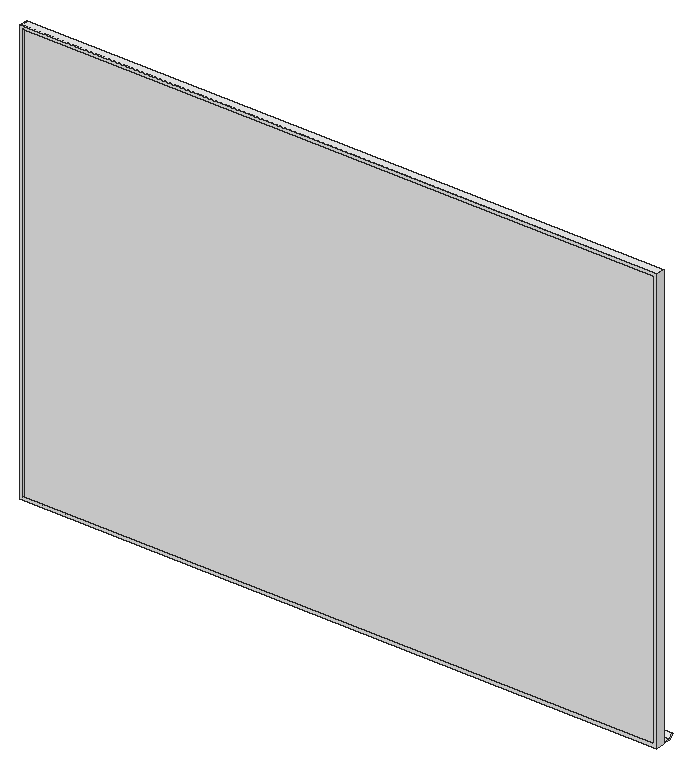
Revit family
Parameters (values of type "White Board")
  Width = 1800 mm
  Offset = 15 mm
  Mounting Height = 900 mm
  Material WhiteBoard = Plastic - White
  Material Framing = Metal - Aluminium
  Material BlackBoard = Plastic - White
  Height = 1200 mm
  Board Thickness = 20 mm
Types (2, lengths in mm): name | Material BlackBoard
  Black Board | Finishes - BlackBoards
  White Board | Plastic - White
Reference planes
  plane 1: y = 0
  plane 2 "Center (Left/Right)": x = 133.3
  plane 3 "Back": y = 75
  plane 4: x = -766.7
  plane 5: x = 1033.3
  plane 6: z = 900
  plane 7: z = 2100
  plane 8: y = 90
Text (mm)
  text "Placement side" at (-1864.261, 916.262, 0), in view "Ref. Level"
  text "Placement side" at (0, 1605.175, 2923.955), in view "Left"
  text "Placement side" at (0, 595.982, 3004.978), in view "Right"
Dimensions and locks
  locked: plane 3 "Back" to host wall at 0
  equal spacing: plane 4, plane 2 "Center (Left/Right)", plane 5
  "Width": plane 4 to plane 5
  "Mounting Height": level to plane 6
  "Height": plane 6 to plane 7
  "Offset": plane 3 "Back" to plane 8
  aligned and locked: plane 1 to host wall
  aligned and locked: plane 8 to nested 1
  aligned and locked: plane 2 "Center (Left/Right)" to nested 1
Nested families
  nested 1: "UK_White-BlackBoard" at (227.419, 77, 0), type "BlackBoard"
Definition of nested family "UK_White-BlackBoard"
  Parameters (values of type "WhiteBoard")
    Width = 1800 mm
    Offset = 15 mm
    Material Framing = Metal - Aluminium
    Material Board = Plastic - White
    Height to Underside = 900 mm
    Height = 1200 mm
    Board Thickness = 20 mm
    Assembly Code = ""
  Types (2, lengths in mm): name | Material Board
    WhiteBoard | Plastic - White
    BlackBoard | Finishes - BlackBoards
  Reference planes
    plane 1 "Center (Front/Back)": y = 0
    plane 2: z = 0
    plane 3 "Center (Left/Right)": x = -94.119
    plane 4: x = -994.119
    plane 5: x = 805.881
    plane 6: y = 15
    plane 7: z = 900
    plane 8: z = 2100
  Forms (mm)
    Extrusion 1, solid, material "Plastic - White" <- "Material Board"
      sketch origin (0, 15, 0) x (1, 0, 0) y (0, 0, 1)
        loop
          line (-994.119, 900) -> (805.881, 900) -> (805.881, 2100) -> (-994.119, 2100) -> (-994.119, 900)
      from 0 to -20
    Sweep 2, solid, material "Metal - Aluminium" <- "Material Framing"
      path origin (0, 15, 0) x (1, 0, 0) y (0, 0, 1)
        loop
          line (-994.119, 900) -> (805.881, 900) -> (805.881, 2100) -> (-994.119, 2100) -> (-994.119, 900)
      profile origin (-94.119, 15, 900) x (0, 0, 1) y (0, -1, 0)
        loop
          line (6, 0) -> (6, 2) -> (-2, 2) -> (-2, -22) -> (6, -22) -> (6, -20) -> (0, -20) -> (0, 0) -> (6, 0)
    Extrusion 3, solid, material "Metal - Aluminium" <- "Material Framing"
      sketch origin (-94.119, 0, 0) x (0, 1, 0) y (0, 0, 1)
        loop
          line (37, 898) -> (62, 898) -> (71.642, 909.491) -> (70.11, 910.776) -> (61.067, 900) -> (37, 900) -> (37, 898)
      from -900 to 900
  Dimensions and locks
    equal spacing: plane 4, plane 3 "Center (Left/Right)", plane 5
    "Width": plane 4 to plane 5
    "Offset": plane 1 "Center (Front/Back)" to plane 6
    "Height to Underside": plane 7 to plane 2
    "Height": plane 8 to plane 7
    "Board Thickness": plane 6 to Extrusion 1
    Extrusion 1 to Sweep 2 sketch curve = 2 mm
    Sweep 2 sketch curve to Extrusion 1 = 2 mm  (x2)
    Extrusion 1 to Sweep 2 sketch curve = 6 mm
    aligned and locked: Sweep 2 sketch curve to Sweep 2 sketch curve
    aligned and locked: Extrusion 3 to plane 5
    aligned and locked: plane 4 to Extrusion 3
  Automatic sketch dimensions
    Extrusion 1 sketch curve to plane 4 = 0 mm
    Extrusion 1 sketch curve to plane 5 = 0 mm
    Extrusion 1 sketch curve to plane 7 = 0 mm
    Extrusion 1 sketch curve to plane 8 = 0 mm
    Sweep 2 sketch curve to plane 4 = 0 mm
    Sweep 2 sketch curve to plane 5 = 0 mm
    Sweep 2 sketch curve to plane 7 = 0 mm
    Sweep 2 sketch curve to plane 8 = 0 mm
    Sweep 2 sketch curve to profile plane = 0 mm
    Sweep 2 sketch curve to plane 6 = 0 mm
    Sweep 2 sketch curve to Sweep 2 sketch curve = 2 mm
    Extrusion 3 sketch curve to plane 7 = 0 mm
    plane 7 to Extrusion 3 sketch curve = 2 mm
    Extrusion 3 sketch curve to plane 6 = 22 mm
    Extrusion 3 sketch curve to Extrusion 3 sketch curve = 24.067 mm
    Extrusion 3 sketch curve to Extrusion 3 sketch curve = 0.933 mm
    Extrusion 3 sketch curve to plane 7 = 10.776 mm
    Extrusion 3 sketch curve to Extrusion 3 sketch curve = 9.042 mm
